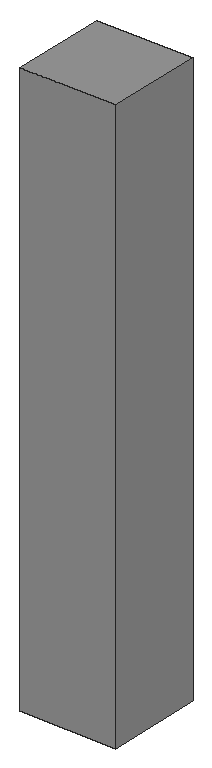
Revit family "Family1", category Generic Models, Revit 2024
Family settings
  Can host rebar = No
  Round Connector Dimension = Use Diameter
  Part Type = Normal
  Work Plane-Based = No
  Always vertical = Yes
  Cut with Voids When Loaded = No
  Maintain Annotation Orientation = No
  Shared = No
  Room Calculation Point = No
Parameters (values of type "0.4 x 0.4 x 2.4")
  c = 2400 mm
  b = 400 mm
  a = 400 mm
  Default Elevation = 0 mm
Types (5, lengths in mm): name | c | b | a
  0.4 x 0.4 x 2.4 | 2400 | 400 | 400
  0.6x 0.6 x 2.7 | 2700 | 600 | 600
  0.8 x 0.8 x 3 | 3000 | 800 | 800
  1 x 1 x 3.3 | 3300 | 1000 | 1000
  1.2 x 1.2 x 3.6 | 3600 | 1200 | 1200
Reference planes
  plane 1 "Center (Front/Back)": y = 0
  plane 2: z = 0
  plane 3 "Center (Left/Right)": x = 0
  plane 4: x = -600
  plane 5: x = -200
  plane 6: y = 600
  plane 7: y = 200
Forms (mm)
  Extrusion 1, solid, material "Oak Flooring, Espresso"
    sketch origin (0, 0, 0) x (1, 0, 0) y (0, 1, 0)
      loop
        line (-600, 600) -> (-600, 200) -> (-200, 200) -> (-200, 600) -> (-600, 600)
    from 0 to 2400
Dimensions and locks
  "a": plane 7 to plane 6
  "b": plane 4 to plane 5
  "c": Extrusion 1 to level
  aligned and locked: level to plane 2
Automatic sketch dimensions
  Extrusion 1 sketch curve to plane 4 = 0 mm
  Extrusion 1 sketch curve to plane 5 = 0 mm
  plane 7 to Extrusion 1 sketch curve = 0 mm
  plane 6 to Extrusion 1 sketch curve = 0 mm
